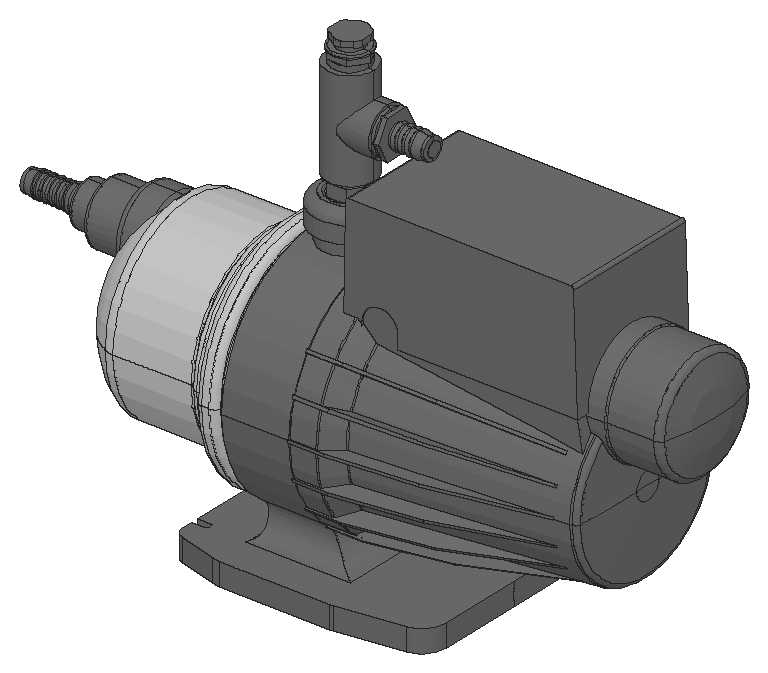
Revit family "QF-Repressurization_Pump-OptiPure-HF-1HP", category Specialty Equipment, Revit 2017
Family settings
  Round Connector Dimension = Use Diameter
  Part Type = Normal
  OmniClass Number = 23.40.40.14
  OmniClass Title = Food Service Equipment
  Work Plane-Based = No
  Always vertical = Yes
  Cut with Voids When Loaded = No
  Shared = No
  Room Calculation Point = No
Parameters (values of type "HF - 1 HP")
  Width = 8.50"
  Watts = 2 W
  Volts = 120 V
  URL = "WWW.OPTIPUREWATER.COM"
  Model = "164-85075 - SMART PUMP ASSY HF - 1 HP"
  Material = Stainless Steel
  Manufacturer = "OPTIPURE"
  Length = 24.46875"
  Keynote = "11400"
  Height = 16.34375"
  Filtered Water Out A = 0.50"
  Filtered Water In A = 0.50"
  Description = "REPRESSURIZATION PUMP"
  Cycle = 60 Hz
  Current = 8 A
  Body Material = Black Plastic
  Assembly Code = "E1090300"
Reference planes (in)
  plane 1 "Center (Front/Back)": y = 0
  plane 2: z = 0
  plane 3 "Center (Left/Right)": x = 0.6145
  plane 4: x = 25.0745
  plane 5: z = 16.35156
  plane 6: y = -4.25
  plane 7: y = 4.25
  plane 8: y = -4.30078
  plane 9: z = 7.56
  plane 10: x = 12.08485
  plane 11 "Back": y = 4.29
  plane 12: y = -4.29091
Forms (in)
  Revolve 1, solid, material "Stainless Steel" <- "Material"
    sketch origin (0, 10.70485, 5.54926) x (1, 0, 0) y (0, 1, 0)
      loop
        line (6.41274, -14.20483) -> (9.18029, -14.20488)
        arc (9.18029, -14.20488) -> (9.23648, -14.21048) -> (9.29045, -14.22708) r 0.28445
        line (9.29045, -14.22708) -> (9.37795, -14.30357)
        arc (9.37795, -14.30357) -> (9.46502, -14.37653) -> (9.5756, -14.40253) r 0.24575
        line (9.5756, -14.40253) -> (9.68532, -14.40228)
        arc (9.68532, -14.40228) -> (9.82416, -14.44417) -> (9.91615, -14.55626) r 0.24916
        line (9.91615, -14.55626) -> (9.94903, -14.80118)
        arc (9.94903, -14.80118) -> (10.04103, -14.91296) -> (10.17958, -14.95488) r 0.24964
        line (10.17958, -14.95488) -> (10.43211, -14.9548)
        arc (10.43211, -14.9548) -> (10.59283, -14.89619) -> (10.67819, -14.74793) r 0.24989
        line (10.67819, -14.74793) -> (10.6848, -14.70362) -> (10.68479, -14.40722) -> (10.83842, -14.40722) -> (10.9365, -14.40515) -> (10.93176, -10.70485) -> (4.33756, -10.70485) -> (4.33756, -10.82744)
        arc (4.33756, -10.82744) -> (4.36267, -11.28009) -> (4.4377, -11.72719) r 4.09237
        arc (4.4377, -11.72719) -> (4.59282, -12.2732) -> (4.80792, -12.79848) r 5.07678
        arc (4.80792, -12.79848) -> (5.35349, -13.59041) -> (6.11814, -14.17361) r 3.05622
        arc (6.11814, -14.17361) -> (6.26461, -14.197) -> (6.41274, -14.20483) r 1.4061
      axis (4.33756, -10.70485) -> (10.9365, -10.70485)
    angle from 0 to 360
  Extrusion 2, solid, material "Black Plastic" <- "Body Material"
    sketch origin (0, 10.70485, 5.54926) x (1, 0, 0) y (0, 0, 1)
      loop
        line (10.68545, -4.74758) -> (14.44003, -4.74758)
        arc (14.44003, -4.74758) -> (13.62479, -4.40989) -> (13.2871, -3.59465) r 1.15293
        line (13.2871, -3.59465) -> (10.93724, -3.59465) -> (10.93724, -4.49579)
        arc (10.93724, -4.49579) -> (10.86349, -4.67383) -> (10.68545, -4.74758) r 0.25179
    from 6.45485 to 14.95485
  Extrusion 3, solid, material "Black Plastic" <- "Body Material"
    sketch origin (0, 10.70485, 5.54926) x (0, 1, 0) y (0, 0, 1)
      loop
        circle (-10.70485, 0) r 4.29
    from 10.9365 to 13.3356
  Extrusion 4, void
    sketch origin (0, 10.70485, 5.54926) x (0, 1, 0) y (0, 0, 1)
      loop
        line (-14.95485, -4.74758) -> (-13.63205, -4.74758)
        arc (-13.63205, -4.74758) -> (-12.98473, -4.35136) -> (-13.04311, -3.59465) r 0.72688
        line (-13.04311, -3.59465) -> (-14.95485, -3.59465) -> (-14.95485, -4.74758)
    from 10.68545 to 14.44003
  Extrusion 5, solid, material "Black Plastic" <- "Body Material"
    sketch origin (0, 10.70485, 5.54926) x (1, 0, 0) y (0, 1, 0)
      loop
        line (17.93033, -13.72339) -> (17.93033, -10.70485) -> (17.93033, -7.68631)
        arc (17.93033, -7.68631) -> (17.7231, -7.12458) -> (17.20071, -6.83203) r 0.86492
        line (17.20071, -6.83203) -> (14.897, -6.46716)
        arc (14.897, -6.46716) -> (14.81903, -6.45793) -> (14.74057, -6.45485) r 1
        line (14.74057, -6.45485) -> (10.82099, -6.45485)
        arc (10.82099, -6.45485) -> (10.68668, -6.46391) -> (10.55481, -6.49093) r 1
        line (10.55481, -6.49093) -> (9.14704, -6.87967)
        arc (9.14704, -6.87967) -> (8.91739, -7.03503) -> (8.82877, -7.29775) r 0.43372
        line (8.82877, -7.29775) -> (8.82877, -7.70485) -> (9.32795, -7.70485)
        arc (9.32795, -7.70485) -> (9.3633, -7.71949) -> (9.37795, -7.75485) r 0.05
        line (9.37795, -7.75485) -> (9.37795, -7.90485)
        arc (9.37795, -7.90485) -> (9.3633, -7.94021) -> (9.32795, -7.95485) r 0.05
        line (9.32795, -7.95485) -> (8.82877, -7.95485) -> (8.82877, -10.70485) -> (8.82877, -13.45485) -> (9.32795, -13.45485)
        arc (9.32795, -13.45485) -> (9.3633, -13.46949) -> (9.37795, -13.50485) r 0.05
        line (9.37795, -13.50485) -> (9.37795, -13.65485)
        arc (9.37795, -13.65485) -> (9.3633, -13.69021) -> (9.32795, -13.70485) r 0.05
        line (9.32795, -13.70485) -> (8.82877, -13.70485) -> (8.82877, -14.11195)
        arc (8.82877, -14.11195) -> (8.91739, -14.37467) -> (9.14704, -14.53003) r 0.43372
        line (9.14704, -14.53003) -> (10.55481, -14.91877)
        arc (10.55481, -14.91877) -> (10.68668, -14.94579) -> (10.82099, -14.95485) r 1
        line (10.82099, -14.95485) -> (14.74057, -14.95485)
        arc (14.74057, -14.95485) -> (14.81903, -14.95177) -> (14.897, -14.94254) r 1
        line (14.897, -14.94254) -> (17.20071, -14.57767)
        arc (17.20071, -14.57767) -> (17.7231, -14.28512) -> (17.93033, -13.72339) r 0.86492
    from -5.54926 to -4.74758
  Revolve 6, solid, material "Black Plastic" <- "Body Material"
    sketch origin (0, 0, 5.20271) x (1, 0, 0) y (0, 0, 1)
      loop
        arc (3.56859, 3.48113) -> (3.47915, 3.44178) -> (3.44773, 3.34926) r 0.12132
        line (3.44773, 3.34926) -> (3.44773, 3.13692) -> (2.74425, 3.13692)
        arc (2.74425, 3.13692) -> (2.69253, 3.12183) -> (2.65634, 3.08191) r 0.09912
        line (2.65634, 3.08191) -> (2.6345, 3.03796) -> (2.6345, 2.87339) -> (2.42644, 2.87339) -> (2.26004, 2.829) -> (2.26004, 2.35729) -> (6.11814, 2.35729) -> (6.11814, 3.8126) -> (5.87291, 3.8126) -> (5.01913, 3.8126)
        arc (5.01913, 3.8126) -> (4.83507, 3.73636) -> (4.75882, 3.55229) r 0.26031
        line (4.75882, 3.55229) -> (4.75882, 3.48113) -> (3.56859, 3.48113)
      axis (6.11814, 2.35729) -> (2.26004, 2.35729)
    angle from 0 to 360
  Revolve 7, solid, material "Black Plastic" <- "Body Material"
    sketch origin (0, 0, 5.54926) x (1, 0, 0) y (0, 0, 1)
      loop
        line (13.13848, 4.69625) -> (13.3971, 4.69625) -> (13.3971, 5.31141)
        arc (13.3971, 5.31141) -> (13.28455, 5.58313) -> (13.01282, 5.69566) r 0.38425
        line (13.01282, 5.69566) -> (12.87036, 5.69566)
        arc (12.87036, 5.69566) -> (12.83214, 5.67982) -> (12.8163, 5.6416) r 0.05406
        line (12.8163, 5.6416) -> (12.08485, 5.6416) -> (12.08485, 3.86317) -> (13.13848, 3.86317) -> (13.13848, 4.69625)
      loop
        line (12.93589, 6.2995) -> (12.93589, 9.83552) -> (12.73823, 9.83551) -> (12.74929, 10.04417) -> (12.08485, 10.04417) -> (12.08485, 6.10198) -> (12.70386, 6.10198) -> (12.66903, 6.2995) -> (12.93589, 6.2995)
      loop
        line (12.08485, 10.60402) -> (12.08485, 10.28573) -> (12.79895, 10.28573) -> (12.79895, 10.33309)
        arc (12.79895, 10.33309) -> (12.7843, 10.36844) -> (12.74895, 10.38309) r 0.05
        line (12.74895, 10.38309) -> (12.54895, 10.38309) -> (12.56065, 10.60402) -> (12.08485, 10.60402)
      axis (12.08485, 3.86317) -> (12.08485, 10.60402)
    angle from 0 to 360
  Extrusion 8, solid, material "Black Plastic" <- "Body Material"
    sketch origin (0, 10.5, 5.54926) x (1, 0, 0) y (0, 1, 0)
      loop
        line (11.72746, -9.88099) -> (11.37007, -10.5) -> (11.72746, -11.11901) -> (12.44223, -11.11901) -> (12.79962, -10.5) -> (12.44223, -9.88099) -> (11.72746, -9.88099)
    from 5.6416 to 6.10198
  Extrusion 9, solid, material "Black Plastic" <- "Body Material"
    sketch origin (0, 10.70485, 0) x (1, 0, 0) y (0, 0, 1)
      loop
        arc (14.11548, 10.75) -> (13.94183, 10.67985) -> (13.86564, 10.50876) r 0.25
        line (13.86564, 10.50876) -> (13.81291, 7.5) -> (22.33187, 7.5) -> (21.78809, 10.58393)
        arc (21.78809, 10.58393) -> (21.69667, 10.70431) -> (21.5526, 10.75) r 0.25
        line (21.5526, 10.75) -> (14.11548, 10.75)
    from 8.26869 to 13.14101
  Revolve 10, solid, material "Black Plastic" <- "Body Material"
    sketch origin (0, 10.70485, 8.5) x (1, 0, 0) y (0, 1, 0)
      loop
        line (20.46094, -10.70485) -> (20.46094, -12.77404) -> (22.81637, -12.77404) -> (22.86057, -12.72985) -> (24.54969, -12.72985)
        arc (24.54969, -12.72985) -> (24.69489, -12.68336) -> (24.78609, -12.56117) r 0.25
        arc (24.78609, -12.56117) -> (25.01274, -11.64582) -> (25.0745, -10.70485) r 5.32912
        line (25.0745, -10.70485) -> (20.46094, -10.70485)
      axis (20.46094, -10.70485) -> (25.0745, -10.70485)
    angle from 0 to 360
  Extrusion 11, solid, material "Black Plastic" <- "Body Material"
    sketch origin (0, 10.5, 9.95184) x (1, 0, 0) y (0, 1, 0)
      loop
        line (11.72746, -9.88099) -> (11.37007, -10.5) -> (11.72746, -11.11901) -> (12.44223, -11.11901) -> (12.79962, -10.5) -> (12.44223, -9.88099) -> (11.72746, -9.88099)
    from 5.6416 to 5.88315
  Extrusion 12, solid, material "Black Plastic" <- "Body Material"
    sketch origin (12.08485, 0, 16.15328) x (1, 0, 0) y (0, 1, 0)
      loop
        line (-0.45918, -0.40945) -> (-0.125, -0.60239)
        arc (-0.125, -0.60239) -> (0, -0.63588) -> (0.125, -0.60239) r 0.25
        line (0.125, -0.60239) -> (0.45918, -0.40945)
        arc (0.45918, -0.40945) -> (0.55069, -0.31794) -> (0.58418, -0.19294) r 0.25
        line (0.58418, -0.19294) -> (0.58418, 0.19294)
        arc (0.58418, 0.19294) -> (0.55069, 0.31794) -> (0.45918, 0.40945) r 0.25
        line (0.45918, 0.40945) -> (0.125, 0.60239)
        arc (0.125, 0.60239) -> (0, 0.63588) -> (-0.125, 0.60239) r 0.25
        line (-0.125, 0.60239) -> (-0.45918, 0.40945)
        arc (-0.45918, 0.40945) -> (-0.55069, 0.31794) -> (-0.58418, 0.19294) r 0.25
        line (-0.58418, 0.19294) -> (-0.58418, -0.19294)
        arc (-0.58418, -0.19294) -> (-0.55069, -0.31794) -> (-0.45918, -0.40945) r 0.25
    from 0 to 0.19828
  Revolve 13, solid, material "Black Plastic" <- "Body Material"
    sketch origin (-9.73996, 0, -6.04938) x (1, 0, 0) y (0, 0, 1)
      loop
        line (12, 13.60937) -> (12, 14.02115) -> (11.875, 14.02115) -> (11.875, 14.05408) -> (11.7521, 14.02115) -> (11.6271, 14.02115) -> (11.6271, 14.05408) -> (11.5042, 14.02115) -> (11.3792, 14.02115) -> (11.3792, 14.05408) -> (11.2563, 14.02115) -> (11.1313, 14.02115) -> (11.1313, 14.05408) -> (11.00841, 14.02115) -> (10.88341, 14.02115) -> (10.88341, 14.05408) -> (10.76806, 14.02115) -> (10.76806, 14.05408) -> (10.46136, 14) -> (10.35446, 14) -> (10.35446, 13.60937) -> (12, 13.60937)
      axis (12, 13.60938) -> (10.35446, 13.60938)
    angle from 0 to 360
  Revolve 14, solid, material "Black Plastic" <- "Body Material"
    sketch origin (24.16969, 0, 0) x (-1, 0, 0) y (0, 0, -1)
      loop
        line (10.75, -14.45313) -> (12, -14.45313) -> (12, -13.60938) -> (10.62537, -13.60938) -> (10.62537, -14.36696) -> (10.75, -14.38893) -> (10.75, -14.45313)
      loop
        line (10.42615, -13.60937) -> (9.14385, -13.60937) -> (9.14385, -14) -> (9.25075, -14) -> (9.55745, -14.05408) -> (9.55745, -14.02115) -> (9.68245, -14.02115) -> (9.80535, -14.05408) -> (9.80535, -14.02115) -> (9.93035, -14.02115) -> (10.05325, -14.05408) -> (10.05325, -14.02115) -> (10.17825, -14.02115) -> (10.30115, -14.05408) -> (10.30115, -14.02115) -> (10.42615, -14.02115) -> (10.42615, -13.60937)
      axis (12, -13.60938) -> (9.14385, -13.60938)
    angle from 0 to 360
  Extrusion 15, solid, material "Black Plastic" <- "Body Material"
    sketch origin (24.16969, 10.70485, 0) x (0, 1, 0) y (0, 0, -1)
      loop
        line (-11.11045, -14.31189) -> (-10.29925, -14.31189) -> (-9.89366, -13.60937) -> (-10.29925, -12.90686) -> (-11.11045, -12.90686) -> (-11.51604, -13.60937) -> (-11.11045, -14.31189)
    from 10.42615 to 10.62537
  Extrusion 16, void
    sketch origin (2.61091, 10.70485, -2.3053) x (0, 1, 0) y (-0.5, 0, 0.866025)
      loop
        circle (-10.70485, 3.71938) r 0.75
    from 4.71673 to 4.97108
  Revolve 17, solid, material "Black Plastic" <- "Body Material"
    sketch origin (-0.14708, 0, -0.06328) x (1, 0, 0) y (0, 0, 1)
      loop
        line (4.25429, 3.46938) -> (4.25429, 3.0063)
        arc (4.25429, 3.0063) -> (4.26893, 2.97094) -> (4.30429, 2.9563) r 0.05
        line (4.30429, 2.9563) -> (5.00429, 2.9563) -> (5.00429, 2.87817) -> (5.5787, 2.87817) -> (5.5787, 3.46938) -> (4.25429, 3.46938)
      axis (5.5787, 3.46938) -> (4.25429, 3.46938)
    angle from 0 to 360
  Extrusion 18, solid, material "Black Plastic" <- "Body Material"
    sketch origin (0.87129, 2.43616, -0.56038) x (-1, 0, 0) y (0, 0, 1)
      loop
        line (-13.92758, 9.79306) -> (-14.26442, 9.98754) -> (-14.60126, 9.79306) -> (-14.60126, 9.40411) -> (-14.26442, 9.20963) -> (-13.92758, 9.40411) -> (-13.92758, 9.79306)
      loop
        circle (-14.26442, 9.59858) r 0.12772
    from 0 to 0.25
  Revolve 19, solid, material "Black Plastic" <- "Body Material"
    sketch origin (0, 10.70485, 5.54926) x (1, 0, 0) y (0, 1, 0)
      loop
        line (13.3356, -14.99576) -> (14.27467, -14.99576)
        arc (14.27467, -14.99576) -> (14.3072, -14.99032) -> (14.33618, -14.9746) r 0.1
        line (14.33618, -14.9746) -> (14.95663, -14.49055)
        arc (14.95663, -14.49055) -> (14.97971, -14.47853) -> (15.00512, -14.47286) r 0.1
        line (15.00512, -14.47286) -> (22.41372, -13.8127) -> (22.4403, -13.78029)
        arc (22.4403, -13.78029) -> (22.57084, -13.7407) -> (22.6328, -13.61917) r 0.17414
        arc (22.6328, -13.61917) -> (22.68198, -12.40995) -> (22.69838, -11.19984) r 44.6562
        line (22.69838, -11.19984) -> (22.69838, -10.70485) -> (13.3356, -10.70485) -> (13.3356, -14.99576)
      axis (22.69838, -10.70485) -> (13.3356, -10.70485)
    angle from 0 to 360
  Extrusion 20, solid, material "Black Plastic" <- "Body Material"
    sketch origin (12.14356, -141.83599, -86.88128) x (-1, 0, 0) y (0, -0.837967, -0.545721)
      loop
        line (-1.19203, -173.58599) -> (-2.1321, -173.58599)
        arc (-2.1321, -173.58599) -> (-2.16465, -173.58054) -> (-2.19366, -173.56479) r 0.1
        line (-2.19366, -173.56479) -> (-2.80597, -173.0864)
        arc (-2.80597, -173.0864) -> (-2.8308, -173.07219) -> (-2.85863, -173.0656) r 0.1
        line (-2.85863, -173.0656) -> (-9.69762, -172.45402) -> (-5.60987, -173.31703)
        arc (-5.60987, -173.31703) -> (-4.04336, -173.56348) -> (-2.45973, -173.64593) r 15.25
        line (-2.45973, -173.64593) -> (-1.19203, -173.64593) -> (-1.19203, -173.58599)
    from 0 to 0.10156
  Extrusion 21, solid, material "Black Plastic" <- "Body Material"
    sketch origin (12.14356, 137.10887, -93.75838) x (-1, 0, 0) y (0, 0.809705, -0.586838)
      loop
        line (-1.19203, -173.58599) -> (-2.1321, -173.58599)
        arc (-2.1321, -173.58599) -> (-2.16465, -173.58054) -> (-2.19366, -173.56479) r 0.1
        line (-2.19366, -173.56479) -> (-2.80597, -173.0864)
        arc (-2.80597, -173.0864) -> (-2.8308, -173.07219) -> (-2.85863, -173.0656) r 0.1
        line (-2.85863, -173.0656) -> (-9.69762, -172.45402) -> (-5.60987, -173.31703)
        arc (-5.60987, -173.31703) -> (-4.04336, -173.56348) -> (-2.45973, -173.64593) r 15.25
        line (-2.45973, -173.64593) -> (-1.19203, -173.64593) -> (-1.19203, -173.58599)
    from 0 to 0.10156
  Extrusion 22, solid, material "Black Plastic" <- "Body Material"
    sketch origin (12.14356, -163.29104, -39.13729) x (-1, 0, 0) y (0, -0.964614, -0.263667)
      loop
        line (-1.19203, -173.58599) -> (-2.1321, -173.58599)
        arc (-2.1321, -173.58599) -> (-2.16465, -173.58054) -> (-2.19366, -173.56479) r 0.1
        line (-2.19366, -173.56479) -> (-2.80597, -173.0864)
        arc (-2.80597, -173.0864) -> (-2.8308, -173.07219) -> (-2.85863, -173.0656) r 0.1
        line (-2.85863, -173.0656) -> (-9.69762, -172.45402) -> (-5.60987, -173.31703)
        arc (-5.60987, -173.31703) -> (-4.04336, -173.56348) -> (-2.45973, -173.64593) r 15.25
        line (-2.45973, -173.64593) -> (-1.19203, -173.64593) -> (-1.19203, -173.58599)
    from 0 to 0.10156
  Extrusion 23, solid, material "Black Plastic" <- "Body Material"
    sketch origin (12.14356, -169.13643, 12.87847) x (-1, 0, 0) y (0, -0.999049, 0.043592)
      loop
        line (-1.19203, -173.58599) -> (-2.1321, -173.58599)
        arc (-2.1321, -173.58599) -> (-2.16465, -173.58054) -> (-2.19366, -173.56479) r 0.1
        line (-2.19366, -173.56479) -> (-2.80597, -173.0864)
        arc (-2.80597, -173.0864) -> (-2.8308, -173.07219) -> (-2.85863, -173.0656) r 0.1
        line (-2.85863, -173.0656) -> (-9.69762, -172.45402) -> (-5.60987, -173.31703)
        arc (-5.60987, -173.31703) -> (-4.04336, -173.56348) -> (-2.45973, -173.64593) r 15.25
        line (-2.45973, -173.64593) -> (-1.19203, -173.64593) -> (-1.19203, -173.58599)
    from 0 to 0.10156
  Extrusion 24, solid, material "Black Plastic" <- "Body Material"
    sketch origin (12.14356, -158.81339, 64.1936) x (-1, 0, 0) y (0, -0.937982, 0.346684)
      loop
        line (-1.19203, -173.58599) -> (-2.1321, -173.58599)
        arc (-2.1321, -173.58599) -> (-2.16465, -173.58054) -> (-2.19366, -173.56479) r 0.1
        line (-2.19366, -173.56479) -> (-2.80597, -173.0864)
        arc (-2.80597, -173.0864) -> (-2.8308, -173.07219) -> (-2.85863, -173.0656) r 0.1
        line (-2.85863, -173.0656) -> (-9.69762, -172.45402) -> (-5.60987, -173.31703)
        arc (-5.60987, -173.31703) -> (-4.04336, -173.56348) -> (-2.45973, -173.64593) r 15.25
        line (-2.45973, -173.64593) -> (-1.19203, -173.64593) -> (-1.19203, -173.58599)
    from 0 to 0.10156
  Extrusion 25, solid, material "Black Plastic" <- "Body Material"
    sketch origin (12.14356, -133.30872, 109.90267) x (-1, 0, 0) y (0, -0.787249, 0.616635)
      loop
        line (-1.19203, -173.58599) -> (-2.1321, -173.58599)
        arc (-2.1321, -173.58599) -> (-2.16465, -173.58054) -> (-2.19366, -173.56479) r 0.1
        line (-2.19366, -173.56479) -> (-2.80597, -173.0864)
        arc (-2.80597, -173.0864) -> (-2.8308, -173.07219) -> (-2.85863, -173.0656) r 0.1
        line (-2.85863, -173.0656) -> (-9.69762, -172.45402) -> (-5.60987, -173.31703)
        arc (-5.60987, -173.31703) -> (-4.04336, -173.56348) -> (-2.45973, -173.64593) r 15.25
        line (-2.45973, -173.64593) -> (-1.19203, -173.64593) -> (-1.19203, -173.58599)
    from 0 to 0.10156
  Extrusion 26, solid, material "Black Plastic" <- "Body Material"
    sketch origin (12.14356, -95.06053, 145.63618) x (-1, 0, 0) y (0, -0.561259, 0.82764)
      loop
        line (-1.19203, -173.58599) -> (-2.1321, -173.58599)
        arc (-2.1321, -173.58599) -> (-2.16465, -173.58054) -> (-2.19366, -173.56479) r 0.1
        line (-2.19366, -173.56479) -> (-2.80597, -173.0864)
        arc (-2.80597, -173.0864) -> (-2.8308, -173.07219) -> (-2.85863, -173.0656) r 0.1
        line (-2.85863, -173.0656) -> (-9.69762, -172.45402) -> (-5.60987, -173.31703)
        arc (-5.60987, -173.31703) -> (-4.04336, -173.56348) -> (-2.45973, -173.64593) r 15.25
        line (-2.45973, -173.64593) -> (-1.19203, -173.64593) -> (-1.19203, -173.58599)
    from 0 to 0.10156
  Extrusion 27, solid, material "Black Plastic" <- "Body Material"
    sketch origin (12.14356, -47.72512, 167.97821) x (-1, 0, 0) y (0, -0.281617, 0.959527)
      loop
        line (-1.19203, -173.58599) -> (-2.1321, -173.58599)
        arc (-2.1321, -173.58599) -> (-2.16465, -173.58054) -> (-2.19366, -173.56479) r 0.1
        line (-2.19366, -173.56479) -> (-2.80597, -173.0864)
        arc (-2.80597, -173.0864) -> (-2.8308, -173.07219) -> (-2.85863, -173.0656) r 0.1
        line (-2.85863, -173.0656) -> (-9.69762, -172.45402) -> (-5.60987, -173.31703)
        arc (-5.60987, -173.31703) -> (-4.04336, -173.56348) -> (-2.45973, -173.64593) r 15.25
        line (-2.45973, -173.64593) -> (-1.19203, -173.64593) -> (-1.19203, -173.58599)
    from 0 to 0.10156
  Extrusion 28, solid, material "Black Plastic" <- "Body Material"
    sketch origin (12.14356, 4.17253, 174.79299) x (-1, 0, 0) y (0, 0.024946, 0.999689)
      loop
        line (-1.19203, -173.58599) -> (-2.1321, -173.58599)
        arc (-2.1321, -173.58599) -> (-2.16465, -173.58054) -> (-2.19366, -173.56479) r 0.1
        line (-2.19366, -173.56479) -> (-2.80597, -173.0864)
        arc (-2.80597, -173.0864) -> (-2.8308, -173.07219) -> (-2.85863, -173.0656) r 0.1
        line (-2.85863, -173.0656) -> (-9.69762, -172.45402) -> (-5.60987, -173.31703)
        arc (-5.60987, -173.31703) -> (-4.04336, -173.56348) -> (-2.45973, -173.64593) r 15.25
        line (-2.45973, -173.64593) -> (-1.19203, -173.64593) -> (-1.19203, -173.58599)
    from 0 to 0.10156
  Extrusion 29, solid, material "Black Plastic" <- "Body Material"
    sketch origin (12.14356, 55.67132, 165.42907) x (-1, 0, 0) y (0, 0.329125, 0.944286)
      loop
        line (-1.19203, -173.58599) -> (-2.1321, -173.58599)
        arc (-2.1321, -173.58599) -> (-2.16465, -173.58054) -> (-2.19366, -173.56479) r 0.1
        line (-2.19366, -173.56479) -> (-2.80597, -173.0864)
        arc (-2.80597, -173.0864) -> (-2.8308, -173.07219) -> (-2.85863, -173.0656) r 0.1
        line (-2.85863, -173.0656) -> (-9.69762, -172.45402) -> (-5.60987, -173.31703)
        arc (-5.60987, -173.31703) -> (-4.04336, -173.56348) -> (-2.45973, -173.64593) r 15.25
        line (-2.45973, -173.64593) -> (-1.19203, -173.64593) -> (-1.19203, -173.58599)
    from 0 to 0.10156
  Extrusion 30, solid, material "Black Plastic" <- "Body Material"
    sketch origin (12.14356, 101.84825, 140.78159) x (-1, 0, 0) y (0, 0.601841, 0.798616)
      loop
        line (-1.19203, -173.58599) -> (-2.1321, -173.58599)
        arc (-2.1321, -173.58599) -> (-2.16465, -173.58054) -> (-2.19366, -173.56479) r 0.1
        line (-2.19366, -173.56479) -> (-2.80597, -173.0864)
        arc (-2.80597, -173.0864) -> (-2.8308, -173.07219) -> (-2.85863, -173.0656) r 0.1
        line (-2.85863, -173.0656) -> (-9.69762, -172.45402) -> (-5.60987, -173.31703)
        arc (-5.60987, -173.31703) -> (-4.04336, -173.56348) -> (-2.45973, -173.64593) r 15.25
        line (-2.45973, -173.64593) -> (-1.19203, -173.64593) -> (-1.19203, -173.58599)
    from 0 to 0.10156
  Extrusion 31, solid, material "Black Plastic" <- "Body Material"
    sketch origin (12.14356, 138.2891, 103.2067) x (-1, 0, 0) y (0, 0.817025, 0.576602)
      loop
        line (-1.19203, -173.58599) -> (-2.1321, -173.58599)
        arc (-2.1321, -173.58599) -> (-2.16465, -173.58054) -> (-2.19366, -173.56479) r 0.1
        line (-2.19366, -173.56479) -> (-2.80597, -173.0864)
        arc (-2.80597, -173.0864) -> (-2.8308, -173.07219) -> (-2.85863, -173.0656) r 0.1
        line (-2.85863, -173.0656) -> (-9.69762, -172.45402) -> (-5.60987, -173.31703)
        arc (-5.60987, -173.31703) -> (-4.04336, -173.56348) -> (-2.45973, -173.64593) r 15.25
        line (-2.45973, -173.64593) -> (-1.19203, -173.64593) -> (-1.19203, -173.58599)
    from 0 to 0.10156
  Extrusion 32, solid, material "Black Plastic" <- "Body Material"
    sketch origin (12.14356, 161.51032, 56.29634) x (-1, 0, 0) y (0, 0.954106, 0.299469)
      loop
        line (-1.19203, -173.58599) -> (-2.1321, -173.58599)
        arc (-2.1321, -173.58599) -> (-2.16465, -173.58054) -> (-2.19366, -173.56479) r 0.1
        line (-2.19366, -173.56479) -> (-2.80597, -173.0864)
        arc (-2.80597, -173.0864) -> (-2.8308, -173.07219) -> (-2.85863, -173.0656) r 0.1
        line (-2.85863, -173.0656) -> (-9.69762, -172.45402) -> (-5.60987, -173.31703)
        arc (-5.60987, -173.31703) -> (-4.04336, -173.56348) -> (-2.45973, -173.64593) r 15.25
        line (-2.45973, -173.64593) -> (-1.19203, -173.64593) -> (-1.19203, -173.58599)
    from 0 to 0.10156
  Extrusion 33, solid, material "Black Plastic" <- "Body Material"
    sketch origin (12.14356, 169.29212, 4.53485) x (-1, 0, 0) y (0, 0.99998, -0.006292)
      loop
        line (-1.19203, -173.58599) -> (-2.1321, -173.58599)
        arc (-2.1321, -173.58599) -> (-2.16465, -173.58054) -> (-2.19366, -173.56479) r 0.1
        line (-2.19366, -173.56479) -> (-2.80597, -173.0864)
        arc (-2.80597, -173.0864) -> (-2.8308, -173.07219) -> (-2.85863, -173.0656) r 0.1
        line (-2.85863, -173.0656) -> (-9.69762, -172.45402) -> (-5.60987, -173.31703)
        arc (-5.60987, -173.31703) -> (-4.04336, -173.56348) -> (-2.45973, -173.64593) r 15.25
        line (-2.45973, -173.64593) -> (-1.19203, -173.64593) -> (-1.19203, -173.58599)
    from 0 to 0.10156
  Extrusion 34, solid, material "Black Plastic" <- "Body Material"
    sketch origin (12.14356, 160.89059, -47.12966) x (-1, 0, 0) y (0, 0.950262, -0.311451)
      loop
        line (-1.19203, -173.58599) -> (-2.1321, -173.58599)
        arc (-2.1321, -173.58599) -> (-2.16465, -173.58054) -> (-2.19366, -173.56479) r 0.1
        line (-2.19366, -173.56479) -> (-2.80597, -173.0864)
        arc (-2.80597, -173.0864) -> (-2.8308, -173.07219) -> (-2.85863, -173.0656) r 0.1
        line (-2.85863, -173.0656) -> (-9.69762, -172.45402) -> (-5.60987, -173.31703)
        arc (-5.60987, -173.31703) -> (-4.04336, -173.56348) -> (-2.45973, -173.64593) r 15.25
        line (-2.45973, -173.64593) -> (-1.19203, -173.64593) -> (-1.19203, -173.58599)
    from 0 to 0.10156
  Extrusion 35, solid, material "Black Plastic" <- "Body Material"
    sketch origin (15.02584, 0, 13.60938) x (0, 1, 0) y (0, 0, 1)
      loop
        circle (0, 0) r 0.25
    from 0 to 0.05078
  Extrusion 36, solid, material "Black Plastic" <- "Body Material"
    sketch origin (0.6145, 0, 7.56) x (0, 0, 1) y (0, 1, 0)
      loop
        circle (0, 0) r 0.25
    from 0 to -0.1069
  Extrusion 37, solid, material "Black Plastic" <- "Body Material"
    sketch origin (0, 2.43616, 0) x (-1, 0, 0) y (0, 0, 1)
      loop
        circle (-20.50651, 9.59858) r 0.25
    from 0 to 0.05078
  Extrusion 38, solid, material "Black Plastic" <- "Body Material"
    sketch origin (0, 0, 0) x (1, 0, 0) y (0, 0, 1)
      loop
        line (22.19125, 8.54468) -> (22.04796, 12.63223)
        arc (22.04796, 12.63223) -> (22.01392, 12.70866) -> (21.93634, 12.74) r 0.11169
        line (21.93634, 12.74) -> (14.01449, 12.74)
        arc (14.01449, 12.74) -> (13.93621, 12.70798) -> (13.90282, 12.63027) r 0.11169
        line (13.90282, 12.63027) -> (13.83122, 8.54468) -> (14.47854, 8.54468) -> (14.47854, 9.00148)
        arc (14.47854, 9.00148) -> (15.12134, 9.64428) -> (15.76414, 9.00148) r 0.6428
        line (15.76414, 9.00148) -> (15.76414, 8.54468) -> (22.19125, 8.54468)
    from -2.48694 to 2.47726
  Extrusion 39, void
    sketch origin (0, -10.70485, 5.54926) x (0, -1, 0) y (0, 0, -1)
      loop
        line (-14.95485, 4.74758) -> (-14.95485, 3.59465) -> (-13.04311, 3.59465)
        arc (-13.04311, 3.59465) -> (-12.98473, 4.35136) -> (-13.63205, 4.74758) r 0.72688
        line (-13.63205, 4.74758) -> (-14.95485, 4.74758)
    from 10.68545 to 14.44003
Cuts and joins
  Extrusion 16 cuts Revolve 1
  joined: Extrusion 3, Revolve 7, Revolve 14
  joined: Extrusion 9, Revolve 10, Revolve 19
  Extrusion 4, Extrusion 39 cuts Extrusion 2
  Extrusion 39 cuts Extrusion 5
Dimensions and locks (in)
  plane 3 "Center (Left/Right)" to plane 4 = 24.46"
  plane 5 to level = 16.35156"
  locked: plane 4 to plane 3 "Center (Left/Right)" at 24.46
  Revolve 10 sketch curve to Revolve 10 sketch curve = 2.025"
  plane 9 to level = 7.56"
  Revolve 6 to plane 10 = 9.45034"
  locked: Revolve 6 to plane 4 at 22.44
  plane 12 to plane 11 "Back" = 8.58091"  (x2)
  aligned and locked: plane 2 to level
Connectors (in)
  piping at (15.07663, 0, 13.60938), diameter 0.5, driven by "Filtered Water Out A"
    settings: on Extrusion 35, index 3, connector inside diameter 24", connector length 0.00", flow factor 0, pipe flow 0 GPM, pressure drop 0.00 psi, fitting loss kfactor 0, connector angle 0.00°, fixture units 0, engagement length 0.00", angle of deflection 0.00°, flow configuration 2, flow direction 2, fitting loss method 0, system type 22, joint type 0, gender type 0, connector reference index -1, connector utility 0, adjustable connector no, is connector primary yes, connector description "Out"
  piping at (0.7214, 0, 7.56), diameter 0.5, driven by "Filtered Water In A"
    settings: on Extrusion 36, index 4, connector inside diameter 24", connector length 0.00", flow factor 0, pipe flow 0 GPM, pressure drop 0.00 psi, fitting loss kfactor 0, connector angle 0.00°, fixture units 0, engagement length 0.00", angle of deflection 0.00°, flow configuration 2, flow direction 1, fitting loss method 0, system type 22, joint type 0, gender type 0, connector reference index -1, connector utility 0, adjustable connector no, is connector primary no, connector description "In"
  electrical at (20.50651, 2.48694, 9.59858)
    settings: on Extrusion 37, index 5, voltage 120 V, apparent load 0 W, apparent load phase1 0 W, apparent load phase2 0 W, apparent load phase3 0 W, power factor 1, load classification "Other", number of poles 1, system type 30, power factor state 1, is connector primary yes, connector utility no, sub classification motor no, connector description "Electrical Connection"
